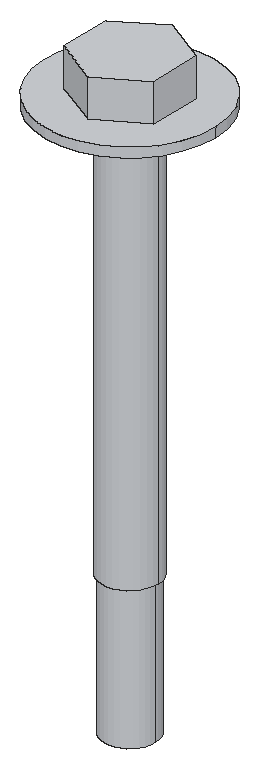
Revit family "Generic ISO Metric Bolt", category Generic Models, Revit 2022
Family settings
  Can host rebar = No
  Round Connector Dimension = Use Diameter
  Part Type = Normal
  Work Plane-Based = Yes
  Always vertical = No
  Cut with Voids When Loaded = Yes
  Maintain Annotation Orientation = No
  Shared = No
  Room Calculation Point = No
Parameters
  r2 = Nominal Diameter / 2  # 6 mm
  Thread Length [instance] = 30 mm
  cd [instance] = -Length + round(0) * 1 mm  # -120 mm
  Wrench Size [instance] = 19 mm
  Default Elevation = 1219.2 mm
  URL = "https://www.b-tu.de/en/fg-kommunikationstechnik/team/staff/prof-dr-ing-habil-matthias-wolff"
  Thread Material = none
  Shank = yes
  Nominal Diameter = 12 mm
  Material = none
  Length = 120 mm
  Large Washer [instance] = yes
  Manufacturer = "Matthias Wolff"  # constant formula
  Bolt Length [instance] = 120 mm
  Description = "ISO metric bolt with washer and hex cap"  # constant formula
Reference planes
  plane 1 "Mitte (Vorne/hinten)": y = 0
  plane 2: z = 0
  plane 3 "Mitte (Links/rechts)": x = 0
Forms (mm)
  Extrusion 1, void
    sketch origin (0, 0, 0) x (1, 0, 0) y (0, 1, 0)
      loop
        circle (0, 0) r 6
    from -120 <- "cd" to 0
Dimensions and locks
  "Bolt Length": nested 1 to nested 1
  "Thread Length": nested 1 to nested 1
  nested 1 to nested 1 = 12 mm
  "Wrench Size": nested 1 to nested 1
  "r2": radius of Extrusion 1 sketch curve
  aligned and locked: level to plane 2
  aligned and locked: plane 3 "Mitte (Links/rechts)" to nested 1
  aligned and locked: plane 1 "Mitte (Vorne/hinten)" to nested 1
  aligned and locked: plane 3 "Mitte (Links/rechts)" to Extrusion 1 sketch curve
  aligned and locked: plane 1 "Mitte (Vorne/hinten)" to Extrusion 1 sketch curve
Nested families
  nested 1: "GIMBA Geometry" at (0, 0, 0), type "generic"
Definition of nested family "GIMBA Geometry"
  Parameters (values of type "generic")
    tabD2D = "GIMBA D2D"  # constant formula
    pg2l = if(Length < 23 mm, 2, if(Length < 100 mm, 5, 10))  # 10
    cu = round((0.1453 * (D / 1 mm) + 0.3479) * pu) / pu * 1 mm  # 2 mm
    cdu3 = 3 * D + round(0) * 1 mm  # 36 mm
    u = cu  # 2 mm
    cdu2 = round(1.8508 * D / 1 mm + 0.7401) * 1 mm  # 23 mm
    cdu1 = if(D < 11 mm, round(10 * 1.0382 * D / 1 mm + 0.1206) / 10 * 1 mm, D + 1 mm)  # 13 mm
    tabG2L = "GIMBA G2L"  # constant formula
    s = size_lookup(tabMGeo, "s", cs, D)  # 19 mm
    ck = round(2 * (0.6216 * D / 1 mm + 0.2961)) / 2 * 1 mm  # 8 mm
    g2l = size_lookup(tabG2L, "l", Length + 2 * u + 2 * k, D, round(Length / 1 mm / pg2l) * pg2l * 1 mm)  # 150 mm
    pu = if(D < 10 mm, 10, if(D < 16 mm, 2, 1))  # 2
    pP = if(D < 6 mm, 10, if(D < 14 mm, 4, 2))  # 4
    cd2 = D - 3 * sqrt(3) / 8 * P  # 10.863 mm
    cb4 = 2 * D + 25 mm + round(0) * 1 mm  # 49 mm
    cb3 = 2 * D + 12 mm + round(0) * 1 mm  # 36 mm
    cb2 = 2 * D + 6 mm + round(0) * 1 mm  # 30 mm
    cb = if(Shank, if(l < 125 mm, cb2, if(l < 200 mm, cb3, cb4)), l - ca)  # 36 mm
    ca = round(2 * (0.7122 * (D / 1 mm) ^ 0.7822)) / 2 * 1 mm  # 5 mm
    Default Elevation = 0 mm
    cP = round(0.2365 * (D / 1 mm) ^ 0.7831 * pP) / pP * 1 mm  # 1.75 mm
    URL = "https://www.b-tu.de/en/fg-kommunikationstechnik/team/staff/prof-dr-ing-habil-matthias-wolff"
    P = size_lookup(tabMGeo, "P", cP, D)  # 1.75 mm
    Large Washers = yes
    Length = 120 mm
    cH = sqrt(3) / 2 * P  # 1.516 mm
    Manufacturer = "Matthias Wolff"  # constant formula
    D = if(Nominal Diameter < 3 mm, 3 mm, if(Nominal Diameter > 64 mm, 64 mm, size_lookup(tabD2D, "D", Nominal Diameter, round(Nominal Diameter / 1 mm) * 1 mm)))  # 12 mm
    ru1 = cdu1 / 2  # 6.5 mm
    R = D / 2 + round(0) * 1 mm  # 6 mm
    tabMGeo = "GIMBA MGeo"  # constant formula
    g = Length + round(0) * 1 mm  # 120 mm
    cs = round(1.5095 * D / 1 mm + 0.6456) * 1 mm  # 19 mm
    Grip = yes
    Thread Material = none
    Material = none
    l = if(Grip, g2l, Length)  # 150 mm
    r2 = cd2 / 2  # 5.432 mm
    k = size_lookup(tabMGeo, "k", ck, D)  # 8 mm
    ru2 = if(Large Washers, cdu3 / 2, cdu2 / 2)  # 18 mm
    Shank = yes
    Description = "Geometry of an ISO metric bolt assembly with washers and hex cap and nut"  # constant formula
    Nominal Diameter = 12 mm
  Reference planes
    plane 1 "Mitte (Vorne/hinten)": y = 0
    plane 2 "Reference plane": z = 0
    plane 3 "Mitte (Links/rechts)": x = 0
    plane 4 "Head bottom": z = 2
    plane 5 "Head top": z = 10
    plane 6 "Lower washer top": z = -120
    plane 7 "Nut top": z = -122
    plane 8 "Nut bottom": z = -130
    plane 9 "Bolt bottom": z = -148
    plane 10 "Shank end": z = -112
    plane 11 "ru1": x = 6.5
    plane 12 "ru2": x = 18
    plane 13 "R": x = 6
    plane 14 "r2": x = 5.432
  Forms (mm)
    Sweep 1, solid, material <- "Material", detail levels medium+fine
      path origin (0, 0, 0) x (1, 0, 0) y (0, 0, 1)
        loop
          line (0, 2) -> (0, 10)
      profile "Hexagonal Profile : generic" origin (0, 0, 6) x (-1, 0, 0) y (0, -1, 0)
        loop
          line (-9.5, 5.485) -> (-9.5, -5.485) -> (0, -10.97) -> (9.5, -5.485) -> (9.5, 5.485) -> (0, 10.97) -> (-9.5, 5.485)
    Sweep 2, solid, material <- "Material", visible <- "Grip", detail levels medium+fine
      path origin (0, 0, -109.5) x (1, 0, 0) y (0, 0, 1)
        loop
          line (0, -20.5) -> (0, -12.5)
      profile "Hexagonal Profile : generic" origin (0, 0, -126) x (-1, 0, 0) y (0, -1, 0)
        loop
          line (-9.5, 5.485) -> (-9.5, -5.485) -> (0, -10.97) -> (9.5, -5.485) -> (9.5, 5.485) -> (0, 10.97) -> (-9.5, 5.485)
    Extrusion 3, void
      sketch origin (0, 0, 0) x (1, 0, 0) y (0, 1, 0)
        loop
          circle (0, 0) r 5.432
      from -130 to -122
    Extrusion 4, solid, material <- "Material", detail levels medium+fine
      sketch origin (0, 0, 0) x (1, 0, 0) y (0, 1, 0)
        loop
          circle (0, 0) r 18
        loop
          circle (0, 0) r 6.5
      from 0 to 2
    Extrusion 5, solid, material <- "Material", visible <- "Grip", detail levels medium+fine
      sketch origin (0, 0, 0) x (1, 0, 0) y (0, 1, 0)
        loop
          circle (0, 0) r 18
        loop
          circle (0, 0) r 6.5
      from -122 to -120
    Extrusion 6, solid, material <- "Material", detail levels fine
      sketch origin (0, 0, 0) x (1, 0, 0) y (0, 1, 0)
        loop
          circle (0, 0) r 6
      from -112 to 2
    Extrusion 7, solid, material <- "Thread Material", detail levels fine
      sketch origin (0, 0, 0) x (1, 0, 0) y (0, 1, 0)
        loop
          circle (0, 0) r 5.432
      from -148 to -112
    Extrusion 8, solid, material <- "Material", detail levels medium
      sketch origin (0, 0, 0) x (1, 0, 0) y (0, 1, 0)
        loop
          circle (0, 0) r 6
      from -148 to 2
  Cuts and joins
    Extrusion 3 cuts Sweep 1
    Extrusion 3 cuts Sweep 2
  Dimensions and locks
    "u": plane 4 "Head bottom" to plane 2 "Reference plane"
    "k": plane 5 "Head top" to plane 4 "Head bottom"
    "g": plane 2 "Reference plane" to plane 6 "Lower washer top"
    "u": plane 6 "Lower washer top" to plane 7 "Nut top"
    "k": plane 7 "Nut top" to plane 8 "Nut bottom"
    "l": plane 4 "Head bottom" to plane 9 "Bolt bottom"
    "cb": plane 10 "Shank end" to plane 9 "Bolt bottom"
    "ru1": plane 11 "ru1" to plane 3 "Mitte (Links/rechts)"
    "ru2": plane 12 "ru2" to plane 3 "Mitte (Links/rechts)"
    "R": plane 13 "R" to plane 3 "Mitte (Links/rechts)"
    "r2": plane 14 "r2" to plane 3 "Mitte (Links/rechts)"
    "r2": radius of Extrusion 3 sketch curve
    "ru2": radius of Extrusion 4 sketch curve
    "ru1": radius of Extrusion 4 sketch curve
    "ru2": radius of Extrusion 5 sketch curve
    "ru1": radius of Extrusion 5 sketch curve
    "R": radius of Extrusion 6 sketch curve
    "r2": radius of Extrusion 7 sketch curve
    "R": radius of Extrusion 8 sketch curve
    aligned and locked: plane 3 "Mitte (Links/rechts)" to Sweep 1 sketch curve
    aligned and locked: plane 5 "Head top" to Sweep 1 sketch curve
    aligned and locked: plane 3 "Mitte (Links/rechts)" to Extrusion 3 sketch curve
    aligned and locked: plane 1 "Mitte (Vorne/hinten)" to Extrusion 3 sketch curve
    aligned and locked: Extrusion 3 to plane 8 "Nut bottom"
    aligned and locked: plane 7 "Nut top" to Extrusion 3
    aligned and locked: plane 8 "Nut bottom" to Sweep 2 sketch curve
    aligned and locked: plane 4 "Head bottom" to cut or joined group of Sweep 1, Extrusion 3
    aligned and locked: plane 5 "Head top" to cut or joined group of Sweep 1, Extrusion 3
    aligned and locked: level to plane 2 "Reference plane"
    aligned and locked: plane 3 "Mitte (Links/rechts)" to Extrusion 4 sketch curve  (x2)
    aligned and locked: plane 1 "Mitte (Vorne/hinten)" to Extrusion 4 sketch curve  (x2)
    aligned and locked: plane 4 "Head bottom" to Extrusion 4
    aligned and locked: Extrusion 4 to plane 2 "Reference plane"
    aligned and locked: plane 3 "Mitte (Links/rechts)" to Extrusion 5 sketch curve  (x2)
    aligned and locked: plane 1 "Mitte (Vorne/hinten)" to Extrusion 5 sketch curve  (x2)
    aligned and locked: plane 6 "Lower washer top" to Extrusion 5
    aligned and locked: Extrusion 5 to plane 7 "Nut top"
    aligned and locked: plane 1 "Mitte (Vorne/hinten)" to Extrusion 6 sketch curve
    aligned and locked: plane 3 "Mitte (Links/rechts)" to Extrusion 6 sketch curve
    aligned and locked: plane 4 "Head bottom" to Extrusion 6
    aligned and locked: Extrusion 6 to plane 10 "Shank end"
    aligned and locked: plane 3 "Mitte (Links/rechts)" to Extrusion 7 sketch curve
    aligned and locked: plane 1 "Mitte (Vorne/hinten)" to Extrusion 7 sketch curve
    aligned and locked: plane 10 "Shank end" to Extrusion 7
    aligned and locked: Extrusion 7 to plane 9 "Bolt bottom"
    aligned and locked: plane 1 "Mitte (Vorne/hinten)" to Extrusion 8 sketch curve
    aligned and locked: Extrusion 8 to plane 9 "Bolt bottom"
    aligned and locked: plane 4 "Head bottom" to Extrusion 8
  Automatic sketch dimensions
    Sweep 1 sketch curve to plane 4 "Head bottom" = 0 mm
    Sweep 2 sketch curve to plane 3 "Mitte (Links/rechts)" = 0 mm
    Sweep 2 sketch curve to plane 7 "Nut top" = 0 mm
    Extrusion 8 sketch curve to plane 3 "Mitte (Links/rechts)" = 0 mm
Types in the file's own list only (983): name | r2 | Default Elevation | Thread Material | Shank | Nominal Diameter | Material | Length
  M3 x 3 Steel galvanized | 2 mm | 1219 mm | GIMBA - Steel galvanized - M3 thread | No | 3 mm | GIMBA - Steel galvanized | 3 mm
  M3 x 4 Steel galvanized | 2 mm | 1219 mm | GIMBA - Steel galvanized - M3 thread | No | 3 mm | GIMBA - Steel galvanized | 4 mm
  M3 x 5 Steel galvanized | 2 mm | 1219 mm | GIMBA - Steel galvanized - M3 thread | No | 3 mm | GIMBA - Steel galvanized | 5 mm
  M3 x 6 Steel galvanized | 2 mm | 1219 mm | GIMBA - Steel galvanized - M3 thread | No | 3 mm | GIMBA - Steel galvanized | 6 mm
  M3 x 8 Steel galvanized | 2 mm | 1219 mm | GIMBA - Steel galvanized - M3 thread | No | 3 mm | GIMBA - Steel galvanized | 8 mm
  M3 x 10 Steel galvanized | 2 mm | 1219 mm | GIMBA - Steel galvanized - M3 thread | No | 3 mm | GIMBA - Steel galvanized | 10 mm
  M3 x 12 Steel galvanized | 2 mm | 1219 mm | GIMBA - Steel galvanized - M3 thread | No | 3 mm | GIMBA - Steel galvanized | 12 mm
  M3 x 16 Steel galvanized | 2 mm | 1219 mm | GIMBA - Steel galvanized - M3 thread | No | 3 mm | GIMBA - Steel galvanized | 16 mm
  M3 x 18 Steel galvanized | 2 mm | 1219 mm | GIMBA - Steel galvanized - M3 thread | No | 3 mm | GIMBA - Steel galvanized | 18 mm
  M3 x 20 Steel galvanized | 2 mm | 1219 mm | GIMBA - Steel galvanized - M3 thread | No | 3 mm | GIMBA - Steel galvanized | 20 mm
  M3 x 22 Steel galvanized | 2 mm | 1219 mm | GIMBA - Steel galvanized - M3 thread | No | 3 mm | GIMBA - Steel galvanized | 22 mm
  M3 x 25 Steel galvanized | 2 mm | 1219 mm | GIMBA - Steel galvanized - M3 thread | No | 3 mm | GIMBA - Steel galvanized | 25 mm
  M3 x 30 Steel galvanized | 2 mm | 1219 mm | GIMBA - Steel galvanized - M3 thread | No | 3 mm | GIMBA - Steel galvanized | 30 mm
  M3 x 35 Steel galvanized | 2 mm | 1219 mm | GIMBA - Steel galvanized - M3 thread | No | 3 mm | GIMBA - Steel galvanized | 35 mm
  M3 x 40 Steel galvanized | 2 mm | 1219 mm | GIMBA - Steel galvanized - M3 thread | No | 3 mm | GIMBA - Steel galvanized | 40 mm
  M3 x 50 Steel galvanized | 2 mm | 1219 mm | GIMBA - Steel galvanized - M3 thread | No | 3 mm | GIMBA - Steel galvanized | 50 mm
  M3 x 60 Steel galvanized | 2 mm | 1219 mm | GIMBA - Steel galvanized - M3 thread | No | 3 mm | GIMBA - Steel galvanized | 60 mm
  M3 x 60 w/shank Steel galvanized | 2 mm | 1219 mm | GIMBA - Steel galvanized - M3 thread | Yes | 3 mm | GIMBA - Steel galvanized | 60 mm
  M4 x 4 Steel galvanized | 2 mm | 1219 mm | GIMBA - Steel galvanized - M4 thread | No | 4 mm | GIMBA - Steel galvanized | 4 mm
  M4 x 6 Steel galvanized | 2 mm | 1219 mm | GIMBA - Steel galvanized - M4 thread | No | 4 mm | GIMBA - Steel galvanized | 6 mm
  M4 x 8 Steel galvanized | 2 mm | 1219 mm | GIMBA - Steel galvanized - M4 thread | No | 4 mm | GIMBA - Steel galvanized | 8 mm
  M4 x 10 Steel galvanized | 2 mm | 1219 mm | GIMBA - Steel galvanized - M4 thread | No | 4 mm | GIMBA - Steel galvanized | 10 mm
  M4 x 12 Steel galvanized | 2 mm | 1219 mm | GIMBA - Steel galvanized - M4 thread | No | 4 mm | GIMBA - Steel galvanized | 12 mm
  M4 x 14 Steel galvanized | 2 mm | 1219 mm | GIMBA - Steel galvanized - M4 thread | No | 4 mm | GIMBA - Steel galvanized | 14 mm
  M4 x 16 Steel galvanized | 2 mm | 1219 mm | GIMBA - Steel galvanized - M4 thread | No | 4 mm | GIMBA - Steel galvanized | 16 mm
  M4 x 18 Steel galvanized | 2 mm | 1219 mm | GIMBA - Steel galvanized - M4 thread | No | 4 mm | GIMBA - Steel galvanized | 18 mm
  M4 x 20 Steel galvanized | 2 mm | 1219 mm | GIMBA - Steel galvanized - M4 thread | No | 4 mm | GIMBA - Steel galvanized | 20 mm
  M4 x 22 Steel galvanized | 2 mm | 1219 mm | GIMBA - Steel galvanized - M4 thread | No | 4 mm | GIMBA - Steel galvanized | 22 mm
  M4 x 25 Steel galvanized | 2 mm | 1219 mm | GIMBA - Steel galvanized - M4 thread | No | 4 mm | GIMBA - Steel galvanized | 25 mm
  M4 x 30 Steel galvanized | 2 mm | 1219 mm | GIMBA - Steel galvanized - M4 thread | No | 4 mm | GIMBA - Steel galvanized | 30 mm
  M4 x 35 Steel galvanized | 2 mm | 1219 mm | GIMBA - Steel galvanized - M4 thread | No | 4 mm | GIMBA - Steel galvanized | 35 mm
  M4 x 40 Steel galvanized | 2 mm | 1219 mm | GIMBA - Steel galvanized - M4 thread | No | 4 mm | GIMBA - Steel galvanized | 40 mm
  M4 x 45 Steel galvanized | 2 mm | 1219 mm | GIMBA - Steel galvanized - M4 thread | No | 4 mm | GIMBA - Steel galvanized | 45 mm
  M4 x 50 Steel galvanized | 2 mm | 1219 mm | GIMBA - Steel galvanized - M4 thread | No | 4 mm | GIMBA - Steel galvanized | 50 mm
  M4 x 55 Steel galvanized | 2 mm | 1219 mm | GIMBA - Steel galvanized - M4 thread | No | 4 mm | GIMBA - Steel galvanized | 55 mm
  M4 x 55 w/shank Steel galvanized | 2 mm | 1219 mm | GIMBA - Steel galvanized - M4 thread | Yes | 4 mm | GIMBA - Steel galvanized | 55 mm
  M4 x 60 Steel galvanized | 2 mm | 1219 mm | GIMBA - Steel galvanized - M4 thread | No | 4 mm | GIMBA - Steel galvanized | 60 mm
  M4 x 60 w/shank Steel galvanized | 2 mm | 1219 mm | GIMBA - Steel galvanized - M4 thread | Yes | 4 mm | GIMBA - Steel galvanized | 60 mm
  M4 x 65 Steel galvanized | 2 mm | 1219 mm | GIMBA - Steel galvanized - M4 thread | No | 4 mm | GIMBA - Steel galvanized | 65 mm
  M4 x 65 w/shank Steel galvanized | 2 mm | 1219 mm | GIMBA - Steel galvanized - M4 thread | Yes | 4 mm | GIMBA - Steel galvanized | 65 mm
  M4 x 70 Steel galvanized | 2 mm | 1219 mm | GIMBA - Steel galvanized - M4 thread | No | 4 mm | GIMBA - Steel galvanized | 70 mm
  M4 x 70 w/shank Steel galvanized | 2 mm | 1219 mm | GIMBA - Steel galvanized - M4 thread | Yes | 4 mm | GIMBA - Steel galvanized | 70 mm
  M4 x 75 Steel galvanized | 2 mm | 1219 mm | GIMBA - Steel galvanized - M4 thread | No | 4 mm | GIMBA - Steel galvanized | 75 mm
  M4 x 75 w/shank Steel galvanized | 2 mm | 1219 mm | GIMBA - Steel galvanized - M4 thread | Yes | 4 mm | GIMBA - Steel galvanized | 75 mm
  M4 x 80 Steel galvanized | 2 mm | 1219 mm | GIMBA - Steel galvanized - M4 thread | No | 4 mm | GIMBA - Steel galvanized | 80 mm
  M4 x 80 w/shank Steel galvanized | 2 mm | 1219 mm | GIMBA - Steel galvanized - M4 thread | Yes | 4 mm | GIMBA - Steel galvanized | 80 mm
  M5 x 6 Steel galvanized | 3 mm | 1219 mm | GIMBA - Steel galvanized - M5 thread | No | 5 mm | GIMBA - Steel galvanized | 6 mm
  M5 x 8 Steel galvanized | 3 mm | 1219 mm | GIMBA - Steel galvanized - M5 thread | No | 5 mm | GIMBA - Steel galvanized | 8 mm
  M5 x 10 Steel galvanized | 3 mm | 1219 mm | GIMBA - Steel galvanized - M5 thread | No | 5 mm | GIMBA - Steel galvanized | 10 mm
  M5 x 12 Steel galvanized | 3 mm | 1219 mm | GIMBA - Steel galvanized - M5 thread | No | 5 mm | GIMBA - Steel galvanized | 12 mm
  M5 x 14 Steel galvanized | 3 mm | 1219 mm | GIMBA - Steel galvanized - M5 thread | No | 5 mm | GIMBA - Steel galvanized | 14 mm
  M5 x 16 Steel galvanized | 3 mm | 1219 mm | GIMBA - Steel galvanized - M5 thread | No | 5 mm | GIMBA - Steel galvanized | 16 mm
  M5 x 18 Steel galvanized | 3 mm | 1219 mm | GIMBA - Steel galvanized - M5 thread | No | 5 mm | GIMBA - Steel galvanized | 18 mm
  M5 x 20 Steel galvanized | 3 mm | 1219 mm | GIMBA - Steel galvanized - M5 thread | No | 5 mm | GIMBA - Steel galvanized | 20 mm
  M5 x 22 Steel galvanized | 3 mm | 1219 mm | GIMBA - Steel galvanized - M5 thread | No | 5 mm | GIMBA - Steel galvanized | 22 mm
  M5 x 25 Steel galvanized | 3 mm | 1219 mm | GIMBA - Steel galvanized - M5 thread | No | 5 mm | GIMBA - Steel galvanized | 25 mm
  M5 x 30 Steel galvanized | 3 mm | 1219 mm | GIMBA - Steel galvanized - M5 thread | No | 5 mm | GIMBA - Steel galvanized | 30 mm
  M5 x 35 Steel galvanized | 3 mm | 1219 mm | GIMBA - Steel galvanized - M5 thread | No | 5 mm | GIMBA - Steel galvanized | 35 mm
  M5 x 40 Steel galvanized | 3 mm | 1219 mm | GIMBA - Steel galvanized - M5 thread | No | 5 mm | GIMBA - Steel galvanized | 40 mm
  M5 x 45 Steel galvanized | 3 mm | 1219 mm | GIMBA - Steel galvanized - M5 thread | No | 5 mm | GIMBA - Steel galvanized | 45 mm
  M5 x 50 Steel galvanized | 3 mm | 1219 mm | GIMBA - Steel galvanized - M5 thread | No | 5 mm | GIMBA - Steel galvanized | 50 mm
  M5 x 55 Steel galvanized | 3 mm | 1219 mm | GIMBA - Steel galvanized - M5 thread | No | 5 mm | GIMBA - Steel galvanized | 55 mm
  M5 x 55 w/shank Steel galvanized | 3 mm | 1219 mm | GIMBA - Steel galvanized - M5 thread | Yes | 5 mm | GIMBA - Steel galvanized | 55 mm
  M5 x 60 Steel galvanized | 3 mm | 1219 mm | GIMBA - Steel galvanized - M5 thread | No | 5 mm | GIMBA - Steel galvanized | 60 mm
  M5 x 60 w/shank Steel galvanized | 3 mm | 1219 mm | GIMBA - Steel galvanized - M5 thread | Yes | 5 mm | GIMBA - Steel galvanized | 60 mm
  M5 x 65 Steel galvanized | 3 mm | 1219 mm | GIMBA - Steel galvanized - M5 thread | No | 5 mm | GIMBA - Steel galvanized | 65 mm
  M5 x 65 w/shank Steel galvanized | 3 mm | 1219 mm | GIMBA - Steel galvanized - M5 thread | Yes | 5 mm | GIMBA - Steel galvanized | 65 mm
  M5 x 70 Steel galvanized | 3 mm | 1219 mm | GIMBA - Steel galvanized - M5 thread | No | 5 mm | GIMBA - Steel galvanized | 70 mm
  M5 x 70 w/shank Steel galvanized | 3 mm | 1219 mm | GIMBA - Steel galvanized - M5 thread | Yes | 5 mm | GIMBA - Steel galvanized | 70 mm
  M5 x 80 Steel galvanized | 3 mm | 1219 mm | GIMBA - Steel galvanized - M5 thread | No | 5 mm | GIMBA - Steel galvanized | 80 mm
  M5 x 80 w/shank Steel galvanized | 3 mm | 1219 mm | GIMBA - Steel galvanized - M5 thread | Yes | 5 mm | GIMBA - Steel galvanized | 80 mm
  M5 x 90 Steel galvanized | 3 mm | 1219 mm | GIMBA - Steel galvanized - M5 thread | No | 5 mm | GIMBA - Steel galvanized | 90 mm
  M5 x 90 w/shank Steel galvanized | 3 mm | 1219 mm | GIMBA - Steel galvanized - M5 thread | Yes | 5 mm | GIMBA - Steel galvanized | 90 mm
  M5 x 100 Steel galvanized | 3 mm | 1219 mm | GIMBA - Steel galvanized - M5 thread | No | 5 mm | GIMBA - Steel galvanized | 100 mm
  M5 x 100 w/shank Steel galvanized | 3 mm | 1219 mm | GIMBA - Steel galvanized - M5 thread | Yes | 5 mm | GIMBA - Steel galvanized | 100 mm
  M6 x 6 Steel galvanized | 3 mm | 1219 mm | GIMBA - Steel galvanized - M6 thread | No | 6 mm | GIMBA - Steel galvanized | 6 mm
  M6 x 8 Steel galvanized | 3 mm | 1219 mm | GIMBA - Steel galvanized - M6 thread | No | 6 mm | GIMBA - Steel galvanized | 8 mm
  M6 x 10 Steel galvanized | 3 mm | 1219 mm | GIMBA - Steel galvanized - M6 thread | No | 6 mm | GIMBA - Steel galvanized | 10 mm
  M6 x 12 Steel galvanized | 3 mm | 1219 mm | GIMBA - Steel galvanized - M6 thread | No | 6 mm | GIMBA - Steel galvanized | 12 mm
  M6 x 14 Steel galvanized | 3 mm | 1219 mm | GIMBA - Steel galvanized - M6 thread | No | 6 mm | GIMBA - Steel galvanized | 14 mm
  M6 x 16 Steel galvanized | 3 mm | 1219 mm | GIMBA - Steel galvanized - M6 thread | No | 6 mm | GIMBA - Steel galvanized | 16 mm
  M6 x 18 Steel galvanized | 3 mm | 1219 mm | GIMBA - Steel galvanized - M6 thread | No | 6 mm | GIMBA - Steel galvanized | 18 mm
  M6 x 20 Steel galvanized | 3 mm | 1219 mm | GIMBA - Steel galvanized - M6 thread | No | 6 mm | GIMBA - Steel galvanized | 20 mm
  M6 x 22 Steel galvanized | 3 mm | 1219 mm | GIMBA - Steel galvanized - M6 thread | No | 6 mm | GIMBA - Steel galvanized | 22 mm
  M6 x 25 Steel galvanized | 3 mm | 1219 mm | GIMBA - Steel galvanized - M6 thread | No | 6 mm | GIMBA - Steel galvanized | 25 mm
  M6 x 28 Steel galvanized | 3 mm | 1219 mm | GIMBA - Steel galvanized - M6 thread | No | 6 mm | GIMBA - Steel galvanized | 28 mm
  M6 x 30 Steel galvanized | 3 mm | 1219 mm | GIMBA - Steel galvanized - M6 thread | No | 6 mm | GIMBA - Steel galvanized | 30 mm
  M6 x 35 Steel galvanized | 3 mm | 1219 mm | GIMBA - Steel galvanized - M6 thread | No | 6 mm | GIMBA - Steel galvanized | 35 mm
  M6 x 40 Steel galvanized | 3 mm | 1219 mm | GIMBA - Steel galvanized - M6 thread | No | 6 mm | GIMBA - Steel galvanized | 40 mm
  M6 x 45 Steel galvanized | 3 mm | 1219 mm | GIMBA - Steel galvanized - M6 thread | No | 6 mm | GIMBA - Steel galvanized | 45 mm
  M6 x 50 Steel galvanized | 3 mm | 1219 mm | GIMBA - Steel galvanized - M6 thread | No | 6 mm | GIMBA - Steel galvanized | 50 mm
  M6 x 55 Steel galvanized | 3 mm | 1219 mm | GIMBA - Steel galvanized - M6 thread | No | 6 mm | GIMBA - Steel galvanized | 55 mm
  M6 x 55 w/shank Steel galvanized | 3 mm | 1219 mm | GIMBA - Steel galvanized - M6 thread | Yes | 6 mm | GIMBA - Steel galvanized | 55 mm
  M6 x 60 Steel galvanized | 3 mm | 1219 mm | GIMBA - Steel galvanized - M6 thread | No | 6 mm | GIMBA - Steel galvanized | 60 mm
  M6 x 60 w/shank Steel galvanized | 3 mm | 1219 mm | GIMBA - Steel galvanized - M6 thread | Yes | 6 mm | GIMBA - Steel galvanized | 60 mm
  M6 x 65 Steel galvanized | 3 mm | 1219 mm | GIMBA - Steel galvanized - M6 thread | No | 6 mm | GIMBA - Steel galvanized | 65 mm
  M6 x 65 w/shank Steel galvanized | 3 mm | 1219 mm | GIMBA - Steel galvanized - M6 thread | Yes | 6 mm | GIMBA - Steel galvanized | 65 mm
  M6 x 70 Steel galvanized | 3 mm | 1219 mm | GIMBA - Steel galvanized - M6 thread | No | 6 mm | GIMBA - Steel galvanized | 70 mm
  M6 x 70 w/shank Steel galvanized | 3 mm | 1219 mm | GIMBA - Steel galvanized - M6 thread | Yes | 6 mm | GIMBA - Steel galvanized | 70 mm
  M6 x 75 Steel galvanized | 3 mm | 1219 mm | GIMBA - Steel galvanized - M6 thread | No | 6 mm | GIMBA - Steel galvanized | 75 mm
  M6 x 75 w/shank Steel galvanized | 3 mm | 1219 mm | GIMBA - Steel galvanized - M6 thread | Yes | 6 mm | GIMBA - Steel galvanized | 75 mm
  M6 x 80 Steel galvanized | 3 mm | 1219 mm | GIMBA - Steel galvanized - M6 thread | No | 6 mm | GIMBA - Steel galvanized | 80 mm
  M6 x 80 w/shank Steel galvanized | 3 mm | 1219 mm | GIMBA - Steel galvanized - M6 thread | Yes | 6 mm | GIMBA - Steel galvanized | 80 mm
  M6 x 85 Steel galvanized | 3 mm | 1219 mm | GIMBA - Steel galvanized - M6 thread | No | 6 mm | GIMBA - Steel galvanized | 85 mm
  M6 x 85 w/shank Steel galvanized | 3 mm | 1219 mm | GIMBA - Steel galvanized - M6 thread | Yes | 6 mm | GIMBA - Steel galvanized | 85 mm
  M6 x 90 Steel galvanized | 3 mm | 1219 mm | GIMBA - Steel galvanized - M6 thread | No | 6 mm | GIMBA - Steel galvanized | 90 mm
  M6 x 90 w/shank Steel galvanized | 3 mm | 1219 mm | GIMBA - Steel galvanized - M6 thread | Yes | 6 mm | GIMBA - Steel galvanized | 90 mm
  M6 x 100 Steel galvanized | 3 mm | 1219 mm | GIMBA - Steel galvanized - M6 thread | No | 6 mm | GIMBA - Steel galvanized | 100 mm
  M6 x 100 w/shank Steel galvanized | 3 mm | 1219 mm | GIMBA - Steel galvanized - M6 thread | Yes | 6 mm | GIMBA - Steel galvanized | 100 mm
  M6 x 110 Steel galvanized | 3 mm | 1219 mm | GIMBA - Steel galvanized - M6 thread | No | 6 mm | GIMBA - Steel galvanized | 110 mm
  M6 x 110 w/shank Steel galvanized | 3 mm | 1219 mm | GIMBA - Steel galvanized - M6 thread | Yes | 6 mm | GIMBA - Steel galvanized | 110 mm
  M6 x 120 Steel galvanized | 3 mm | 1219 mm | GIMBA - Steel galvanized - M6 thread | No | 6 mm | GIMBA - Steel galvanized | 120 mm
  M6 x 120 w/shank Steel galvanized | 3 mm | 1219 mm | GIMBA - Steel galvanized - M6 thread | Yes | 6 mm | GIMBA - Steel galvanized | 120 mm
  M6 x 130 Steel galvanized | 3 mm | 1219 mm | GIMBA - Steel galvanized - M6 thread | No | 6 mm | GIMBA - Steel galvanized | 130 mm
  M6 x 130 w/shank Steel galvanized | 3 mm | 1219 mm | GIMBA - Steel galvanized - M6 thread | Yes | 6 mm | GIMBA - Steel galvanized | 130 mm
  M6 x 140 Steel galvanized | 3 mm | 1219 mm | GIMBA - Steel galvanized - M6 thread | No | 6 mm | GIMBA - Steel galvanized | 140 mm
  M6 x 140 w/shank Steel galvanized | 3 mm | 1219 mm | GIMBA - Steel galvanized - M6 thread | Yes | 6 mm | GIMBA - Steel galvanized | 140 mm
  M6 x 150 Steel galvanized | 3 mm | 1219 mm | GIMBA - Steel galvanized - M6 thread | No | 6 mm | GIMBA - Steel galvanized | 150 mm
  M6 x 150 w/shank Steel galvanized | 3 mm | 1219 mm | GIMBA - Steel galvanized - M6 thread | Yes | 6 mm | GIMBA - Steel galvanized | 150 mm
  M8 x 8 Steel galvanized | 4 mm | 1219 mm | GIMBA - Steel galvanized - M8 thread | No | 8 mm | GIMBA - Steel galvanized | 8 mm
  M8 x 10 Steel galvanized | 4 mm | 1219 mm | GIMBA - Steel galvanized - M8 thread | No | 8 mm | GIMBA - Steel galvanized | 10 mm
  M8 x 12 Steel galvanized | 4 mm | 1219 mm | GIMBA - Steel galvanized - M8 thread | No | 8 mm | GIMBA - Steel galvanized | 12 mm
  M8 x 14 Steel galvanized | 4 mm | 1219 mm | GIMBA - Steel galvanized - M8 thread | No | 8 mm | GIMBA - Steel galvanized | 14 mm
  M8 x 16 Steel galvanized | 4 mm | 1219 mm | GIMBA - Steel galvanized - M8 thread | No | 8 mm | GIMBA - Steel galvanized | 16 mm
  M8 x 18 Steel galvanized | 4 mm | 1219 mm | GIMBA - Steel galvanized - M8 thread | No | 8 mm | GIMBA - Steel galvanized | 18 mm
  M8 x 20 Steel galvanized | 4 mm | 1219 mm | GIMBA - Steel galvanized - M8 thread | No | 8 mm | GIMBA - Steel galvanized | 20 mm
  M8 x 22 Steel galvanized | 4 mm | 1219 mm | GIMBA - Steel galvanized - M8 thread | No | 8 mm | GIMBA - Steel galvanized | 22 mm
  M8 x 25 Steel galvanized | 4 mm | 1219 mm | GIMBA - Steel galvanized - M8 thread | No | 8 mm | GIMBA - Steel galvanized | 25 mm
  M8 x 30 Steel galvanized | 4 mm | 1219 mm | GIMBA - Steel galvanized - M8 thread | No | 8 mm | GIMBA - Steel galvanized | 30 mm
  M8 x 35 Steel galvanized | 4 mm | 1219 mm | GIMBA - Steel galvanized - M8 thread | No | 8 mm | GIMBA - Steel galvanized | 35 mm
  M8 x 40 Steel galvanized | 4 mm | 1219 mm | GIMBA - Steel galvanized - M8 thread | No | 8 mm | GIMBA - Steel galvanized | 40 mm
  M8 x 45 Steel galvanized | 4 mm | 1219 mm | GIMBA - Steel galvanized - M8 thread | No | 8 mm | GIMBA - Steel galvanized | 45 mm
  M8 x 50 Steel galvanized | 4 mm | 1219 mm | GIMBA - Steel galvanized - M8 thread | No | 8 mm | GIMBA - Steel galvanized | 50 mm
  M8 x 55 Steel galvanized | 4 mm | 1219 mm | GIMBA - Steel galvanized - M8 thread | No | 8 mm | GIMBA - Steel galvanized | 55 mm
  M8 x 55 w/shank Steel galvanized | 4 mm | 1219 mm | GIMBA - Steel galvanized - M8 thread | Yes | 8 mm | GIMBA - Steel galvanized | 55 mm
  M8 x 60 Steel galvanized | 4 mm | 1219 mm | GIMBA - Steel galvanized - M8 thread | No | 8 mm | GIMBA - Steel galvanized | 60 mm
  M8 x 60 w/shank Steel galvanized | 4 mm | 1219 mm | GIMBA - Steel galvanized - M8 thread | Yes | 8 mm | GIMBA - Steel galvanized | 60 mm
  M8 x 65 Steel galvanized | 4 mm | 1219 mm | GIMBA - Steel galvanized - M8 thread | No | 8 mm | GIMBA - Steel galvanized | 65 mm
  M8 x 65 w/shank Steel galvanized | 4 mm | 1219 mm | GIMBA - Steel galvanized - M8 thread | Yes | 8 mm | GIMBA - Steel galvanized | 65 mm
  M8 x 70 Steel galvanized | 4 mm | 1219 mm | GIMBA - Steel galvanized - M8 thread | No | 8 mm | GIMBA - Steel galvanized | 70 mm
  M8 x 70 w/shank Steel galvanized | 4 mm | 1219 mm | GIMBA - Steel galvanized - M8 thread | Yes | 8 mm | GIMBA - Steel galvanized | 70 mm
  M8 x 75 Steel galvanized | 4 mm | 1219 mm | GIMBA - Steel galvanized - M8 thread | No | 8 mm | GIMBA - Steel galvanized | 75 mm
  M8 x 75 w/shank Steel galvanized | 4 mm | 1219 mm | GIMBA - Steel galvanized - M8 thread | Yes | 8 mm | GIMBA - Steel galvanized | 75 mm
  M8 x 80 Steel galvanized | 4 mm | 1219 mm | GIMBA - Steel galvanized - M8 thread | No | 8 mm | GIMBA - Steel galvanized | 80 mm
  M8 x 80 w/shank Steel galvanized | 4 mm | 1219 mm | GIMBA - Steel galvanized - M8 thread | Yes | 8 mm | GIMBA - Steel galvanized | 80 mm
  M8 x 85 Steel galvanized | 4 mm | 1219 mm | GIMBA - Steel galvanized - M8 thread | No | 8 mm | GIMBA - Steel galvanized | 85 mm
  M8 x 85 w/shank Steel galvanized | 4 mm | 1219 mm | GIMBA - Steel galvanized - M8 thread | Yes | 8 mm | GIMBA - Steel galvanized | 85 mm
  M8 x 90 Steel galvanized | 4 mm | 1219 mm | GIMBA - Steel galvanized - M8 thread | No | 8 mm | GIMBA - Steel galvanized | 90 mm
  M8 x 90 w/shank Steel galvanized | 4 mm | 1219 mm | GIMBA - Steel galvanized - M8 thread | Yes | 8 mm | GIMBA - Steel galvanized | 90 mm
  M8 x 95 Steel galvanized | 4 mm | 1219 mm | GIMBA - Steel galvanized - M8 thread | No | 8 mm | GIMBA - Steel galvanized | 95 mm
  M8 x 95 w/shank Steel galvanized | 4 mm | 1219 mm | GIMBA - Steel galvanized - M8 thread | Yes | 8 mm | GIMBA - Steel galvanized | 95 mm
  M8 x 100 Steel galvanized | 4 mm | 1219 mm | GIMBA - Steel galvanized - M8 thread | No | 8 mm | GIMBA - Steel galvanized | 100 mm
  M8 x 100 w/shank Steel galvanized | 4 mm | 1219 mm | GIMBA - Steel galvanized - M8 thread | Yes | 8 mm | GIMBA - Steel galvanized | 100 mm
  M8 x 110 Steel galvanized | 4 mm | 1219 mm | GIMBA - Steel galvanized - M8 thread | No | 8 mm | GIMBA - Steel galvanized | 110 mm
  M8 x 110 w/shank Steel galvanized | 4 mm | 1219 mm | GIMBA - Steel galvanized - M8 thread | Yes | 8 mm | GIMBA - Steel galvanized | 110 mm
  M8 x 120 Steel galvanized | 4 mm | 1219 mm | GIMBA - Steel galvanized - M8 thread | No | 8 mm | GIMBA - Steel galvanized | 120 mm
  M8 x 120 w/shank Steel galvanized | 4 mm | 1219 mm | GIMBA - Steel galvanized - M8 thread | Yes | 8 mm | GIMBA - Steel galvanized | 120 mm
  M8 x 130 Steel galvanized | 4 mm | 1219 mm | GIMBA - Steel galvanized - M8 thread | No | 8 mm | GIMBA - Steel galvanized | 130 mm
  M8 x 130 w/shank Steel galvanized | 4 mm | 1219 mm | GIMBA - Steel galvanized - M8 thread | Yes | 8 mm | GIMBA - Steel galvanized | 130 mm
  M8 x 140 Steel galvanized | 4 mm | 1219 mm | GIMBA - Steel galvanized - M8 thread | No | 8 mm | GIMBA - Steel galvanized | 140 mm
  M8 x 140 w/shank Steel galvanized | 4 mm | 1219 mm | GIMBA - Steel galvanized - M8 thread | Yes | 8 mm | GIMBA - Steel galvanized | 140 mm
  M8 x 150 Steel galvanized | 4 mm | 1219 mm | GIMBA - Steel galvanized - M8 thread | No | 8 mm | GIMBA - Steel galvanized | 150 mm
  M8 x 150 w/shank Steel galvanized | 4 mm | 1219 mm | GIMBA - Steel galvanized - M8 thread | Yes | 8 mm | GIMBA - Steel galvanized | 150 mm
  M8 x 160 Steel galvanized | 4 mm | 1219 mm | GIMBA - Steel galvanized - M8 thread | No | 8 mm | GIMBA - Steel galvanized | 160 mm
  M8 x 160 w/shank Steel galvanized | 4 mm | 1219 mm | GIMBA - Steel galvanized - M8 thread | Yes | 8 mm | GIMBA - Steel galvanized | 160 mm
  M8 x 170 Steel galvanized | 4 mm | 1219 mm | GIMBA - Steel galvanized - M8 thread | No | 8 mm | GIMBA - Steel galvanized | 170 mm
  M8 x 170 w/shank Steel galvanized | 4 mm | 1219 mm | GIMBA - Steel galvanized - M8 thread | Yes | 8 mm | GIMBA - Steel galvanized | 170 mm
  M8 x 180 Steel galvanized | 4 mm | 1219 mm | GIMBA - Steel galvanized - M8 thread | No | 8 mm | GIMBA - Steel galvanized | 180 mm
  M8 x 180 w/shank Steel galvanized | 4 mm | 1219 mm | GIMBA - Steel galvanized - M8 thread | Yes | 8 mm | GIMBA - Steel galvanized | 180 mm
  M8 x 190 Steel galvanized | 4 mm | 1219 mm | GIMBA - Steel galvanized - M8 thread | No | 8 mm | GIMBA - Steel galvanized | 190 mm
  M8 x 190 w/shank Steel galvanized | 4 mm | 1219 mm | GIMBA - Steel galvanized - M8 thread | Yes | 8 mm | GIMBA - Steel galvanized | 190 mm
  M8 x 200 Steel galvanized | 4 mm | 1219 mm | GIMBA - Steel galvanized - M8 thread | No | 8 mm | GIMBA - Steel galvanized | 200 mm
  M8 x 200 w/shank Steel galvanized | 4 mm | 1219 mm | GIMBA - Steel galvanized - M8 thread | Yes | 8 mm | GIMBA - Steel galvanized | 200 mm
  M10 x 10 Steel galvanized | 5 mm | 1219 mm | GIMBA - Steel galvanized - M10 thread | No | 10 mm | GIMBA - Steel galvanized | 10 mm
  M10 x 12 Steel galvanized | 5 mm | 1219 mm | GIMBA - Steel galvanized - M10 thread | No | 10 mm | GIMBA - Steel galvanized | 12 mm
  M10 x 16 Steel galvanized | 5 mm | 1219 mm | GIMBA - Steel galvanized - M10 thread | No | 10 mm | GIMBA - Steel galvanized | 16 mm
  M10 x 18 Steel galvanized | 5 mm | 1219 mm | GIMBA - Steel galvanized - M10 thread | No | 10 mm | GIMBA - Steel galvanized | 18 mm
  M10 x 20 Steel galvanized | 5 mm | 1219 mm | GIMBA - Steel galvanized - M10 thread | No | 10 mm | GIMBA - Steel galvanized | 20 mm
  M10 x 22 Steel galvanized | 5 mm | 1219 mm | GIMBA - Steel galvanized - M10 thread | No | 10 mm | GIMBA - Steel galvanized | 22 mm
  M10 x 25 Steel galvanized | 5 mm | 1219 mm | GIMBA - Steel galvanized - M10 thread | No | 10 mm | GIMBA - Steel galvanized | 25 mm
  M10 x 28 Steel galvanized | 5 mm | 1219 mm | GIMBA - Steel galvanized - M10 thread | No | 10 mm | GIMBA - Steel galvanized | 28 mm
  M10 x 30 Steel galvanized | 5 mm | 1219 mm | GIMBA - Steel galvanized - M10 thread | No | 10 mm | GIMBA - Steel galvanized | 30 mm
  M10 x 35 Steel galvanized | 5 mm | 1219 mm | GIMBA - Steel galvanized - M10 thread | No | 10 mm | GIMBA - Steel galvanized | 35 mm
  M10 x 40 Steel galvanized | 5 mm | 1219 mm | GIMBA - Steel galvanized - M10 thread | No | 10 mm | GIMBA - Steel galvanized | 40 mm
  M10 x 45 Steel galvanized | 5 mm | 1219 mm | GIMBA - Steel galvanized - M10 thread | No | 10 mm | GIMBA - Steel galvanized | 45 mm
  M10 x 50 Steel galvanized | 5 mm | 1219 mm | GIMBA - Steel galvanized - M10 thread | No | 10 mm | GIMBA - Steel galvanized | 50 mm
  M10 x 55 Steel galvanized | 5 mm | 1219 mm | GIMBA - Steel galvanized - M10 thread | No | 10 mm | GIMBA - Steel galvanized | 55 mm
  M10 x 55 w/shank Steel galvanized | 5 mm | 1219 mm | GIMBA - Steel galvanized - M10 thread | Yes | 10 mm | GIMBA - Steel galvanized | 55 mm
  M10 x 60 Steel galvanized | 5 mm | 1219 mm | GIMBA - Steel galvanized - M10 thread | No | 10 mm | GIMBA - Steel galvanized | 60 mm
  M10 x 60 w/shank Steel galvanized | 5 mm | 1219 mm | GIMBA - Steel galvanized - M10 thread | Yes | 10 mm | GIMBA - Steel galvanized | 60 mm
  M10 x 65 Steel galvanized | 5 mm | 1219 mm | GIMBA - Steel galvanized - M10 thread | No | 10 mm | GIMBA - Steel galvanized | 65 mm
  M10 x 65 w/shank Steel galvanized | 5 mm | 1219 mm | GIMBA - Steel galvanized - M10 thread | Yes | 10 mm | GIMBA - Steel galvanized | 65 mm
  M10 x 70 Steel galvanized | 5 mm | 1219 mm | GIMBA - Steel galvanized - M10 thread | No | 10 mm | GIMBA - Steel galvanized | 70 mm
  M10 x 70 w/shank Steel galvanized | 5 mm | 1219 mm | GIMBA - Steel galvanized - M10 thread | Yes | 10 mm | GIMBA - Steel galvanized | 70 mm
  M10 x 75 Steel galvanized | 5 mm | 1219 mm | GIMBA - Steel galvanized - M10 thread | No | 10 mm | GIMBA - Steel galvanized | 75 mm
  M10 x 75 w/shank Steel galvanized | 5 mm | 1219 mm | GIMBA - Steel galvanized - M10 thread | Yes | 10 mm | GIMBA - Steel galvanized | 75 mm
  M10 x 80 Steel galvanized | 5 mm | 1219 mm | GIMBA - Steel galvanized - M10 thread | No | 10 mm | GIMBA - Steel galvanized | 80 mm
  M10 x 80 w/shank Steel galvanized | 5 mm | 1219 mm | GIMBA - Steel galvanized - M10 thread | Yes | 10 mm | GIMBA - Steel galvanized | 80 mm
  M10 x 85 Steel galvanized | 5 mm | 1219 mm | GIMBA - Steel galvanized - M10 thread | No | 10 mm | GIMBA - Steel galvanized | 85 mm
  M10 x 85 w/shank Steel galvanized | 5 mm | 1219 mm | GIMBA - Steel galvanized - M10 thread | Yes | 10 mm | GIMBA - Steel galvanized | 85 mm
  M10 x 90 Steel galvanized | 5 mm | 1219 mm | GIMBA - Steel galvanized - M10 thread | No | 10 mm | GIMBA - Steel galvanized | 90 mm
  M10 x 90 w/shank Steel galvanized | 5 mm | 1219 mm | GIMBA - Steel galvanized - M10 thread | Yes | 10 mm | GIMBA - Steel galvanized | 90 mm
  M10 x 100 Steel galvanized | 5 mm | 1219 mm | GIMBA - Steel galvanized - M10 thread | No | 10 mm | GIMBA - Steel galvanized | 100 mm
  M10 x 100 w/shank Steel galvanized | 5 mm | 1219 mm | GIMBA - Steel galvanized - M10 thread | Yes | 10 mm | GIMBA - Steel galvanized | 100 mm
  M10 x 110 Steel galvanized | 5 mm | 1219 mm | GIMBA - Steel galvanized - M10 thread | No | 10 mm | GIMBA - Steel galvanized | 110 mm
  M10 x 110 w/shank Steel galvanized | 5 mm | 1219 mm | GIMBA - Steel galvanized - M10 thread | Yes | 10 mm | GIMBA - Steel galvanized | 110 mm
  M10 x 120 Steel galvanized | 5 mm | 1219 mm | GIMBA - Steel galvanized - M10 thread | No | 10 mm | GIMBA - Steel galvanized | 120 mm
  M10 x 120 w/shank Steel galvanized | 5 mm | 1219 mm | GIMBA - Steel galvanized - M10 thread | Yes | 10 mm | GIMBA - Steel galvanized | 120 mm
  M10 x 130 Steel galvanized | 5 mm | 1219 mm | GIMBA - Steel galvanized - M10 thread | No | 10 mm | GIMBA - Steel galvanized | 130 mm
  M10 x 130 w/shank Steel galvanized | 5 mm | 1219 mm | GIMBA - Steel galvanized - M10 thread | Yes | 10 mm | GIMBA - Steel galvanized | 130 mm
  M10 x 140 Steel galvanized | 5 mm | 1219 mm | GIMBA - Steel galvanized - M10 thread | No | 10 mm | GIMBA - Steel galvanized | 140 mm
  M10 x 140 w/shank Steel galvanized | 5 mm | 1219 mm | GIMBA - Steel galvanized - M10 thread | Yes | 10 mm | GIMBA - Steel galvanized | 140 mm
  M10 x 150 Steel galvanized | 5 mm | 1219 mm | GIMBA - Steel galvanized - M10 thread | No | 10 mm | GIMBA - Steel galvanized | 150 mm
  M10 x 150 w/shank Steel galvanized | 5 mm | 1219 mm | GIMBA - Steel galvanized - M10 thread | Yes | 10 mm | GIMBA - Steel galvanized | 150 mm
  M10 x 160 Steel galvanized | 5 mm | 1219 mm | GIMBA - Steel galvanized - M10 thread | No | 10 mm | GIMBA - Steel galvanized | 160 mm
  M10 x 160 w/shank Steel galvanized | 5 mm | 1219 mm | GIMBA - Steel galvanized - M10 thread | Yes | 10 mm | GIMBA - Steel galvanized | 160 mm
  M10 x 170 Steel galvanized | 5 mm | 1219 mm | GIMBA - Steel galvanized - M10 thread | No | 10 mm | GIMBA - Steel galvanized | 170 mm
  M10 x 170 w/shank Steel galvanized | 5 mm | 1219 mm | GIMBA - Steel galvanized - M10 thread | Yes | 10 mm | GIMBA - Steel galvanized | 170 mm
  M10 x 180 Steel galvanized | 5 mm | 1219 mm | GIMBA - Steel galvanized - M10 thread | No | 10 mm | GIMBA - Steel galvanized | 180 mm
  M10 x 180 w/shank Steel galvanized | 5 mm | 1219 mm | GIMBA - Steel galvanized - M10 thread | Yes | 10 mm | GIMBA - Steel galvanized | 180 mm
  M10 x 190 Steel galvanized | 5 mm | 1219 mm | GIMBA - Steel galvanized - M10 thread | No | 10 mm | GIMBA - Steel galvanized | 190 mm
  M10 x 190 w/shank Steel galvanized | 5 mm | 1219 mm | GIMBA - Steel galvanized - M10 thread | Yes | 10 mm | GIMBA - Steel galvanized | 190 mm
  M10 x 200 Steel galvanized | 5 mm | 1219 mm | GIMBA - Steel galvanized - M10 thread | No | 10 mm | GIMBA - Steel galvanized | 200 mm
  M10 x 200 w/shank Steel galvanized | 5 mm | 1219 mm | GIMBA - Steel galvanized - M10 thread | Yes | 10 mm | GIMBA - Steel galvanized | 200 mm
  M10 x 220 Steel galvanized | 5 mm | 1219 mm | GIMBA - Steel galvanized - M10 thread | No | 10 mm | GIMBA - Steel galvanized | 220 mm
  M10 x 220 w/shank Steel galvanized | 5 mm | 1219 mm | GIMBA - Steel galvanized - M10 thread | Yes | 10 mm | GIMBA - Steel galvanized | 220 mm
  M10 x 240 Steel galvanized | 5 mm | 1219 mm | GIMBA - Steel galvanized - M10 thread | No | 10 mm | GIMBA - Steel galvanized | 240 mm
  M10 x 240 w/shank Steel galvanized | 5 mm | 1219 mm | GIMBA - Steel galvanized - M10 thread | Yes | 10 mm | GIMBA - Steel galvanized | 240 mm
  M10 x 280 Steel galvanized | 5 mm | 1219 mm | GIMBA - Steel galvanized - M10 thread | No | 10 mm | GIMBA - Steel galvanized | 280 mm
  M10 x 280 w/shank Steel galvanized | 5 mm | 1219 mm | GIMBA - Steel galvanized - M10 thread | Yes | 10 mm | GIMBA - Steel galvanized | 280 mm
  M10 x 300 Steel galvanized | 5 mm | 1219 mm | GIMBA - Steel galvanized - M10 thread | No | 10 mm | GIMBA - Steel galvanized | 300 mm
  M10 x 300 w/shank Steel galvanized | 5 mm | 1219 mm | GIMBA - Steel galvanized - M10 thread | Yes | 10 mm | GIMBA - Steel galvanized | 300 mm
  M12 x 10 Steel galvanized | 6 mm | 1219 mm | GIMBA - Steel galvanized - M12 thread | No | 12 mm | GIMBA - Steel galvanized | 10 mm
  M12 x 12 Steel galvanized | 6 mm | 1219 mm | GIMBA - Steel galvanized - M12 thread | No | 12 mm | GIMBA - Steel galvanized | 12 mm
  M12 x 16 Steel galvanized | 6 mm | 1219 mm | GIMBA - Steel galvanized - M12 thread | No | 12 mm | GIMBA - Steel galvanized | 16 mm
  M12 x 18 Steel galvanized | 6 mm | 1219 mm | GIMBA - Steel galvanized - M12 thread | No | 12 mm | GIMBA - Steel galvanized | 18 mm
  M12 x 20 Steel galvanized | 6 mm | 1219 mm | GIMBA - Steel galvanized - M12 thread | No | 12 mm | GIMBA - Steel galvanized | 20 mm
  M12 x 22 Steel galvanized | 6 mm | 1219 mm | GIMBA - Steel galvanized - M12 thread | No | 12 mm | GIMBA - Steel galvanized | 22 mm
  M12 x 25 Steel galvanized | 6 mm | 1219 mm | GIMBA - Steel galvanized - M12 thread | No | 12 mm | GIMBA - Steel galvanized | 25 mm
  M12 x 28 Steel galvanized | 6 mm | 1219 mm | GIMBA - Steel galvanized - M12 thread | No | 12 mm | GIMBA - Steel galvanized | 28 mm
  M12 x 30 Steel galvanized | 6 mm | 1219 mm | GIMBA - Steel galvanized - M12 thread | No | 12 mm | GIMBA - Steel galvanized | 30 mm
  M12 x 35 Steel galvanized | 6 mm | 1219 mm | GIMBA - Steel galvanized - M12 thread | No | 12 mm | GIMBA - Steel galvanized | 35 mm
  M12 x 40 Steel galvanized | 6 mm | 1219 mm | GIMBA - Steel galvanized - M12 thread | No | 12 mm | GIMBA - Steel galvanized | 40 mm
  M12 x 45 Steel galvanized | 6 mm | 1219 mm | GIMBA - Steel galvanized - M12 thread | No | 12 mm | GIMBA - Steel galvanized | 45 mm
  M12 x 50 Steel galvanized | 6 mm | 1219 mm | GIMBA - Steel galvanized - M12 thread | No | 12 mm | GIMBA - Steel galvanized | 50 mm
  M12 x 55 Steel galvanized | 6 mm | 1219 mm | GIMBA - Steel galvanized - M12 thread | No | 12 mm | GIMBA - Steel galvanized | 55 mm
  M12 x 55 w/shank Steel galvanized | 6 mm | 1219 mm | GIMBA - Steel galvanized - M12 thread | Yes | 12 mm | GIMBA - Steel galvanized | 55 mm
  M12 x 60 Steel galvanized | 6 mm | 1219 mm | GIMBA - Steel galvanized - M12 thread | No | 12 mm | GIMBA - Steel galvanized | 60 mm
  M12 x 60 w/shank Steel galvanized | 6 mm | 1219 mm | GIMBA - Steel galvanized - M12 thread | Yes | 12 mm | GIMBA - Steel galvanized | 60 mm
  M12 x 65 Steel galvanized | 6 mm | 1219 mm | GIMBA - Steel galvanized - M12 thread | No | 12 mm | GIMBA - Steel galvanized | 65 mm
  M12 x 65 w/shank Steel galvanized | 6 mm | 1219 mm | GIMBA - Steel galvanized - M12 thread | Yes | 12 mm | GIMBA - Steel galvanized | 65 mm
  M12 x 70 Steel galvanized | 6 mm | 1219 mm | GIMBA - Steel galvanized - M12 thread | No | 12 mm | GIMBA - Steel galvanized | 70 mm
  M12 x 70 w/shank Steel galvanized | 6 mm | 1219 mm | GIMBA - Steel galvanized - M12 thread | Yes | 12 mm | GIMBA - Steel galvanized | 70 mm
  M12 x 75 Steel galvanized | 6 mm | 1219 mm | GIMBA - Steel galvanized - M12 thread | No | 12 mm | GIMBA - Steel galvanized | 75 mm
  M12 x 75 w/shank Steel galvanized | 6 mm | 1219 mm | GIMBA - Steel galvanized - M12 thread | Yes | 12 mm | GIMBA - Steel galvanized | 75 mm
  M12 x 80 Steel galvanized | 6 mm | 1219 mm | GIMBA - Steel galvanized - M12 thread | No | 12 mm | GIMBA - Steel galvanized | 80 mm
  M12 x 80 w/shank Steel galvanized | 6 mm | 1219 mm | GIMBA - Steel galvanized - M12 thread | Yes | 12 mm | GIMBA - Steel galvanized | 80 mm
  M12 x 85 Steel galvanized | 6 mm | 1219 mm | GIMBA - Steel galvanized - M12 thread | No | 12 mm | GIMBA - Steel galvanized | 85 mm
  M12 x 85 w/shank Steel galvanized | 6 mm | 1219 mm | GIMBA - Steel galvanized - M12 thread | Yes | 12 mm | GIMBA - Steel galvanized | 85 mm
  M12 x 90 Steel galvanized | 6 mm | 1219 mm | GIMBA - Steel galvanized - M12 thread | No | 12 mm | GIMBA - Steel galvanized | 90 mm
  M12 x 90 w/shank Steel galvanized | 6 mm | 1219 mm | GIMBA - Steel galvanized - M12 thread | Yes | 12 mm | GIMBA - Steel galvanized | 90 mm
  M12 x 100 Steel galvanized | 6 mm | 1219 mm | GIMBA - Steel galvanized - M12 thread | No | 12 mm | GIMBA - Steel galvanized | 100 mm
  M12 x 100 w/shank Steel galvanized | 6 mm | 1219 mm | GIMBA - Steel galvanized - M12 thread | Yes | 12 mm | GIMBA - Steel galvanized | 100 mm
  M12 x 110 Steel galvanized | 6 mm | 1219 mm | GIMBA - Steel galvanized - M12 thread | No | 12 mm | GIMBA - Steel galvanized | 110 mm
  M12 x 110 w/shank Steel galvanized | 6 mm | 1219 mm | GIMBA - Steel galvanized - M12 thread | Yes | 12 mm | GIMBA - Steel galvanized | 110 mm
  M12 x 120 Steel galvanized | 6 mm | 1219 mm | GIMBA - Steel galvanized - M12 thread | No | 12 mm | GIMBA - Steel galvanized | 120 mm
  M12 x 120 w/shank Steel galvanized | 6 mm | 1219 mm | GIMBA - Steel galvanized - M12 thread | Yes | 12 mm | GIMBA - Steel galvanized | 120 mm
  M12 x 130 Steel galvanized | 6 mm | 1219 mm | GIMBA - Steel galvanized - M12 thread | No | 12 mm | GIMBA - Steel galvanized | 130 mm
  M12 x 130 w/shank Steel galvanized | 6 mm | 1219 mm | GIMBA - Steel galvanized - M12 thread | Yes | 12 mm | GIMBA - Steel galvanized | 130 mm
  M12 x 140 Steel galvanized | 6 mm | 1219 mm | GIMBA - Steel galvanized - M12 thread | No | 12 mm | GIMBA - Steel galvanized | 140 mm
  M12 x 140 w/shank Steel galvanized | 6 mm | 1219 mm | GIMBA - Steel galvanized - M12 thread | Yes | 12 mm | GIMBA - Steel galvanized | 140 mm
  M12 x 150 Steel galvanized | 6 mm | 1219 mm | GIMBA - Steel galvanized - M12 thread | No | 12 mm | GIMBA - Steel galvanized | 150 mm
  M12 x 150 w/shank Steel galvanized | 6 mm | 1219 mm | GIMBA - Steel galvanized - M12 thread | Yes | 12 mm | GIMBA - Steel galvanized | 150 mm
  M12 x 160 Steel galvanized | 6 mm | 1219 mm | GIMBA - Steel galvanized - M12 thread | No | 12 mm | GIMBA - Steel galvanized | 160 mm
  M12 x 160 w/shank Steel galvanized | 6 mm | 1219 mm | GIMBA - Steel galvanized - M12 thread | Yes | 12 mm | GIMBA - Steel galvanized | 160 mm
  M12 x 170 Steel galvanized | 6 mm | 1219 mm | GIMBA - Steel galvanized - M12 thread | No | 12 mm | GIMBA - Steel galvanized | 170 mm
  M12 x 170 w/shank Steel galvanized | 6 mm | 1219 mm | GIMBA - Steel galvanized - M12 thread | Yes | 12 mm | GIMBA - Steel galvanized | 170 mm
  M12 x 180 Steel galvanized | 6 mm | 1219 mm | GIMBA - Steel galvanized - M12 thread | No | 12 mm | GIMBA - Steel galvanized | 180 mm
  M12 x 180 w/shank Steel galvanized | 6 mm | 1219 mm | GIMBA - Steel galvanized - M12 thread | Yes | 12 mm | GIMBA - Steel galvanized | 180 mm
  M12 x 190 Steel galvanized | 6 mm | 1219 mm | GIMBA - Steel galvanized - M12 thread | No | 12 mm | GIMBA - Steel galvanized | 190 mm
  M12 x 190 w/shank Steel galvanized | 6 mm | 1219 mm | GIMBA - Steel galvanized - M12 thread | Yes | 12 mm | GIMBA - Steel galvanized | 190 mm
  M12 x 200 Steel galvanized | 6 mm | 1219 mm | GIMBA - Steel galvanized - M12 thread | No | 12 mm | GIMBA - Steel galvanized | 200 mm
  M12 x 200 w/shank Steel galvanized | 6 mm | 1219 mm | GIMBA - Steel galvanized - M12 thread | Yes | 12 mm | GIMBA - Steel galvanized | 200 mm
  M12 x 220 Steel galvanized | 6 mm | 1219 mm | GIMBA - Steel galvanized - M12 thread | No | 12 mm | GIMBA - Steel galvanized | 220 mm
  M12 x 220 w/shank Steel galvanized | 6 mm | 1219 mm | GIMBA - Steel galvanized - M12 thread | Yes | 12 mm | GIMBA - Steel galvanized | 220 mm
  M12 x 240 Steel galvanized | 6 mm | 1219 mm | GIMBA - Steel galvanized - M12 thread | No | 12 mm | GIMBA - Steel galvanized | 240 mm
  M12 x 240 w/shank Steel galvanized | 6 mm | 1219 mm | GIMBA - Steel galvanized - M12 thread | Yes | 12 mm | GIMBA - Steel galvanized | 240 mm
  M12 x 300 Steel galvanized | 6 mm | 1219 mm | GIMBA - Steel galvanized - M12 thread | No | 12 mm | GIMBA - Steel galvanized | 300 mm
  M12 x 300 w/shank Steel galvanized | 6 mm | 1219 mm | GIMBA - Steel galvanized - M12 thread | Yes | 12 mm | GIMBA - Steel galvanized | 300 mm
  M14 x 16 Steel galvanized | 7 mm | 1219 mm | GIMBA - Steel galvanized - M14 thread | No | 14 mm | GIMBA - Steel galvanized | 16 mm
  M14 x 20 Steel galvanized | 7 mm | 1219 mm | GIMBA - Steel galvanized - M14 thread | No | 14 mm | GIMBA - Steel galvanized | 20 mm
  M14 x 25 Steel galvanized | 7 mm | 1219 mm | GIMBA - Steel galvanized - M14 thread | No | 14 mm | GIMBA - Steel galvanized | 25 mm
  M14 x 30 Steel galvanized | 7 mm | 1219 mm | GIMBA - Steel galvanized - M14 thread | No | 14 mm | GIMBA - Steel galvanized | 30 mm
  M14 x 35 Steel galvanized | 7 mm | 1219 mm | GIMBA - Steel galvanized - M14 thread | No | 14 mm | GIMBA - Steel galvanized | 35 mm
  M14 x 40 Steel galvanized | 7 mm | 1219 mm | GIMBA - Steel galvanized - M14 thread | No | 14 mm | GIMBA - Steel galvanized | 40 mm
  M14 x 45 Steel galvanized | 7 mm | 1219 mm | GIMBA - Steel galvanized - M14 thread | No | 14 mm | GIMBA - Steel galvanized | 45 mm
  M14 x 50 Steel galvanized | 7 mm | 1219 mm | GIMBA - Steel galvanized - M14 thread | No | 14 mm | GIMBA - Steel galvanized | 50 mm
  M14 x 55 Steel galvanized | 7 mm | 1219 mm | GIMBA - Steel galvanized - M14 thread | No | 14 mm | GIMBA - Steel galvanized | 55 mm
  M14 x 55 w/shank Steel galvanized | 7 mm | 1219 mm | GIMBA - Steel galvanized - M14 thread | Yes | 14 mm | GIMBA - Steel galvanized | 55 mm
  M14 x 60 Steel galvanized | 7 mm | 1219 mm | GIMBA - Steel galvanized - M14 thread | No | 14 mm | GIMBA - Steel galvanized | 60 mm
  M14 x 60 w/shank Steel galvanized | 7 mm | 1219 mm | GIMBA - Steel galvanized - M14 thread | Yes | 14 mm | GIMBA - Steel galvanized | 60 mm
  M14 x 65 Steel galvanized | 7 mm | 1219 mm | GIMBA - Steel galvanized - M14 thread | No | 14 mm | GIMBA - Steel galvanized | 65 mm
  M14 x 65 w/shank Steel galvanized | 7 mm | 1219 mm | GIMBA - Steel galvanized - M14 thread | Yes | 14 mm | GIMBA - Steel galvanized | 65 mm
  M14 x 70 Steel galvanized | 7 mm | 1219 mm | GIMBA - Steel galvanized - M14 thread | No | 14 mm | GIMBA - Steel galvanized | 70 mm
  M14 x 70 w/shank Steel galvanized | 7 mm | 1219 mm | GIMBA - Steel galvanized - M14 thread | Yes | 14 mm | GIMBA - Steel galvanized | 70 mm
  M14 x 75 Steel galvanized | 7 mm | 1219 mm | GIMBA - Steel galvanized - M14 thread | No | 14 mm | GIMBA - Steel galvanized | 75 mm
  M14 x 75 w/shank Steel galvanized | 7 mm | 1219 mm | GIMBA - Steel galvanized - M14 thread | Yes | 14 mm | GIMBA - Steel galvanized | 75 mm
  M14 x 80 Steel galvanized | 7 mm | 1219 mm | GIMBA - Steel galvanized - M14 thread | No | 14 mm | GIMBA - Steel galvanized | 80 mm
  M14 x 80 w/shank Steel galvanized | 7 mm | 1219 mm | GIMBA - Steel galvanized - M14 thread | Yes | 14 mm | GIMBA - Steel galvanized | 80 mm
  M14 x 90 Steel galvanized | 7 mm | 1219 mm | GIMBA - Steel galvanized - M14 thread | No | 14 mm | GIMBA - Steel galvanized | 90 mm
  M14 x 90 w/shank Steel galvanized | 7 mm | 1219 mm | GIMBA - Steel galvanized - M14 thread | Yes | 14 mm | GIMBA - Steel galvanized | 90 mm
  M14 x 100 Steel galvanized | 7 mm | 1219 mm | GIMBA - Steel galvanized - M14 thread | No | 14 mm | GIMBA - Steel galvanized | 100 mm
  M14 x 100 w/shank Steel galvanized | 7 mm | 1219 mm | GIMBA - Steel galvanized - M14 thread | Yes | 14 mm | GIMBA - Steel galvanized | 100 mm
  M14 x 110 Steel galvanized | 7 mm | 1219 mm | GIMBA - Steel galvanized - M14 thread | No | 14 mm | GIMBA - Steel galvanized | 110 mm
  M14 x 110 w/shank Steel galvanized | 7 mm | 1219 mm | GIMBA - Steel galvanized - M14 thread | Yes | 14 mm | GIMBA - Steel galvanized | 110 mm
  M14 x 120 Steel galvanized | 7 mm | 1219 mm | GIMBA - Steel galvanized - M14 thread | No | 14 mm | GIMBA - Steel galvanized | 120 mm
  M14 x 120 w/shank Steel galvanized | 7 mm | 1219 mm | GIMBA - Steel galvanized - M14 thread | Yes | 14 mm | GIMBA - Steel galvanized | 120 mm
  M14 x 130 Steel galvanized | 7 mm | 1219 mm | GIMBA - Steel galvanized - M14 thread | No | 14 mm | GIMBA - Steel galvanized | 130 mm
  M14 x 130 w/shank Steel galvanized | 7 mm | 1219 mm | GIMBA - Steel galvanized - M14 thread | Yes | 14 mm | GIMBA - Steel galvanized | 130 mm
  M14 x 140 Steel galvanized | 7 mm | 1219 mm | GIMBA - Steel galvanized - M14 thread | No | 14 mm | GIMBA - Steel galvanized | 140 mm
  M14 x 140 w/shank Steel galvanized | 7 mm | 1219 mm | GIMBA - Steel galvanized - M14 thread | Yes | 14 mm | GIMBA - Steel galvanized | 140 mm
  M14 x 150 Steel galvanized | 7 mm | 1219 mm | GIMBA - Steel galvanized - M14 thread | No | 14 mm | GIMBA - Steel galvanized | 150 mm
  M14 x 150 w/shank Steel galvanized | 7 mm | 1219 mm | GIMBA - Steel galvanized - M14 thread | Yes | 14 mm | GIMBA - Steel galvanized | 150 mm
  M14 x 160 Steel galvanized | 7 mm | 1219 mm | GIMBA - Steel galvanized - M14 thread | No | 14 mm | GIMBA - Steel galvanized | 160 mm
  M14 x 160 w/shank Steel galvanized | 7 mm | 1219 mm | GIMBA - Steel galvanized - M14 thread | Yes | 14 mm | GIMBA - Steel galvanized | 160 mm
  M14 x 170 Steel galvanized | 7 mm | 1219 mm | GIMBA - Steel galvanized - M14 thread | No | 14 mm | GIMBA - Steel galvanized | 170 mm
  M14 x 170 w/shank Steel galvanized | 7 mm | 1219 mm | GIMBA - Steel galvanized - M14 thread | Yes | 14 mm | GIMBA - Steel galvanized | 170 mm
  M14 x 180 Steel galvanized | 7 mm | 1219 mm | GIMBA - Steel galvanized - M14 thread | No | 14 mm | GIMBA - Steel galvanized | 180 mm
  M14 x 180 w/shank Steel galvanized | 7 mm | 1219 mm | GIMBA - Steel galvanized - M14 thread | Yes | 14 mm | GIMBA - Steel galvanized | 180 mm
  M14 x 200 Steel galvanized | 7 mm | 1219 mm | GIMBA - Steel galvanized - M14 thread | No | 14 mm | GIMBA - Steel galvanized | 200 mm
